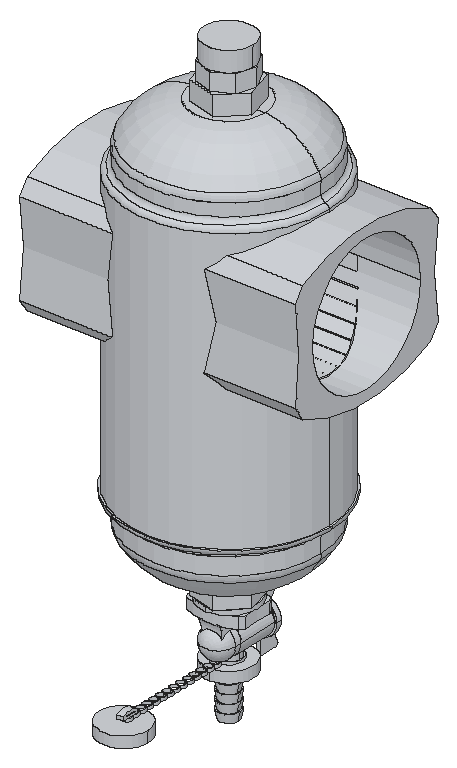
Revit family "Magnetic Dirt Separator-R146MY016", category Plumbing Fixtures, Revit 2015
Reference planes
  plane 1 "Center (Front/Back)": y = 0
  plane 2: z = 0
  plane 3 "Center (Left/Right)": x = 0
  plane 4: z = 186
  plane 5: z = 277
  plane 6: x = -62.5
  plane 7: x = 62.5
  plane 8: y = 27.082
  plane 9: y = -27.082
  plane 10: y = 27.082
  plane 11: y = -27.082
  plane 12: x = 27.082
  plane 13: x = -27.082
  plane 14: x = -45.5
  plane 15: x = 45.5
Forms (mm)
  Revolve 1, solid
    sketch origin (0, 0, 3) x (1, 0, 0) y (0, 0, 1)
      loop
        line (-45.5, 219.004) -> (-45.5, 90.761) -> (-46.5, 90.761)
        arc (-46.5, 90.761) -> (-45.94, 89.051) -> (-44.307, 88.292) r 2.26
        arc (-44.307, 88.292) -> (-42.572, 87.534) -> (-41.859, 85.781) r 2.512
        line (-41.859, 85.781) -> (-41.859, 77.938)
        arc (-41.859, 77.938) -> (-41.627, 76.169) -> (-40.945, 74.52) r 6.846
        arc (-40.945, 74.52) -> (-30.668, 63.62) -> (-16.589, 58.503) r 32.422
        line (-16.589, 58.503) -> (0, 58.503) -> (0, 248.375) -> (-16.591, 248.375)
        arc (-16.591, 248.375) -> (-30.673, 243.687) -> (-40.951, 232.981) r 30.94
        arc (-40.951, 232.981) -> (-41.634, 231.331) -> (-41.866, 229.561) r 6.849
        line (-41.866, 229.561) -> (-41.866, 223.826)
        arc (-41.866, 223.826) -> (-42.371, 222.317) -> (-43.683, 221.415) r 2.508
        arc (-43.683, 221.415) -> (-44.995, 220.514) -> (-45.5, 219.004) r 2.508
      axis (0, 248.375) -> (0, 58.503)
    angle from 0 to 360
  Extrusion 2, solid
    sketch origin (0, 0, 250.912) x (1, 0, 0) y (0, 1, 0)
      loop
        line (9.899, 9.899) -> (-3.623, 13.523) -> (-13.523, 3.623) -> (-9.899, -9.899) -> (3.623, -13.523) -> (13.523, -3.623) -> (9.899, 9.899)
    from -0.912 to 9.088
  Extrusion 3, solid
    sketch origin (0, 0, 260) x (1, 0, 0) y (0, 1, 0)
      loop
        line (7.713, 9.193) -> (-1.046, 11.954) -> (-9.193, 7.713) -> (-11.954, -1.046) -> (-7.713, -9.193) -> (1.046, -11.954) -> (9.193, -7.713) -> (11.954, 1.046) -> (7.713, 9.193)
    from 0 to 8
  Extrusion 4, solid
    sketch origin (0, 0, 268) x (1, 0, 0) y (0, 1, 0)
      loop
        circle (0, 0) r 11
    from 0 to 9
  Extrusion 5, solid
    sketch origin (-37.5, 0, 23.737) x (0, 1, 0) y (0, 0, -1)
      loop
        circle (0, -162.263) r 31
      loop
        line (35.991, -189.491) -> (40.254, -183.402)
        arc (40.254, -183.402) -> (38.218, -162.263) -> (40.254, -141.124) r 110.754
        line (40.254, -141.124) -> (35.991, -135.035)
        arc (35.991, -135.035) -> (0, -126.368) -> (-35.991, -135.035) r 79.061
        line (-35.991, -135.035) -> (-40.254, -141.124)
        arc (-40.254, -141.124) -> (-38.218, -162.263) -> (-40.254, -183.402) r 110.754
        line (-40.254, -183.402) -> (-35.991, -189.491)
        arc (-35.991, -189.491) -> (0, -198.158) -> (35.991, -189.491) r 79.061
    from -18.467 to 25
  Revolve 6, solid
    sketch origin (0, 0, 0) x (1, 0, 0) y (0, 0, 1)
      loop
        line (-5.119, 19.706) -> (-4.304, 15.76) -> (-5.119, 15.76) -> (-4.304, 11.814) -> (-5.119, 11.814) -> (-4.304, 7.868) -> (-5.119, 7.868) -> (-4.304, 3.922) -> (-5.119, 3.922) -> (-4.309, 0) -> (0, 0) -> (0, 19.706) -> (-5.119, 19.706)
      axis (0, 19.706) -> (0, 0)
    angle from 0 to 360
  Extrusion 7, solid
    sketch origin (0, 0, 51.5) x (0, -1, 0) y (1, 0, 0)
      loop
        line (-9.899, 9.899) -> (-13.523, -3.623) -> (-3.623, -13.523) -> (9.899, -9.899) -> (13.523, 3.623) -> (3.623, 13.523) -> (-9.899, 9.899)
    from -0.912 to 11.088
  Extrusion 8, solid
    sketch origin (0, 0, 43.706) x (0, -1, 0) y (1, 0, 0)
      loop
        circle (0, 0) r 11.105
      loop
        line (-8.942, -11.82) -> (-6.943, -13.221)
        arc (-6.943, -13.221) -> (0, -12.738) -> (6.943, -13.221) r 50.189
        line (6.943, -13.221) -> (8.942, -11.82)
        arc (8.942, -11.82) -> (11.789, 0) -> (8.942, 11.82) r 25.966
        line (8.942, 11.82) -> (6.943, 13.221)
        arc (6.943, 13.221) -> (0, 12.738) -> (-6.943, 13.221) r 50.189
        line (-6.943, 13.221) -> (-8.942, 11.82)
        arc (-8.942, 11.82) -> (-11.789, 0) -> (-8.942, -11.82) r 25.966
    from 0 to 5
  Extrusion 9, solid
    sketch origin (0, 0, 19.706) x (0, -1, 0) y (1, 0, 0)
      loop
        circle (0, 0) r 11
    from 0 to 4.971
  Extrusion 10, solid
    sketch origin (37.5, 0, 23.737) x (0, 1, 0) y (0, 0, 1)
      loop
        circle (0, 162.263) r 31
      loop
        arc (35.991, 189.491) -> (0, 198.158) -> (-35.991, 189.491) r 79.061
        line (-35.991, 189.491) -> (-40.254, 183.402)
        arc (-40.254, 183.402) -> (-38.218, 162.263) -> (-40.254, 141.124) r 110.754
        line (-40.254, 141.124) -> (-35.991, 135.035)
        arc (-35.991, 135.035) -> (0, 126.368) -> (35.991, 135.035) r 79.061
        line (35.991, 135.035) -> (40.254, 141.124)
        arc (40.254, 141.124) -> (38.218, 162.263) -> (40.254, 183.402) r 110.754
        line (40.254, 183.402) -> (35.991, 189.491)
    from -16.798 to 25
  Extrusion 11, solid
    sketch origin (0, 0, 44.706) x (0, -1, 0) y (1, 0, 0)
      loop
        circle (0, 0) r 13
    from 4 to 6
  Extrusion 12, solid
    sketch origin (0, -59.562, 19.677) x (-1, 0, 0) y (0, -1, 0)
      loop
        circle (0, 0) r 11
    from 0 to 5
  Extrusion 13, solid
    sketch origin (0, 10.938, -134.258) x (1, 0, 0) y (0, 0, -1)
      loop
        circle (0, -167.996) r 7.5
    from -13.595 to 5.209
  Revolve 14, solid
    sketch origin (0, -2.656, 33.727) x (0, -1, 0) y (1, 0, 0)
      loop
        line (0, 7.5) -> (0, 0) -> (10.635, 0)
        arc (10.635, 0) -> (8.319, 5.314) -> (2.95, 7.5) r 7.687
        line (2.95, 7.5) -> (0, 7.5)
      axis (0, 0) -> (10.635, 0)
    angle from 0 to 360
  Extrusion 15, solid
    sketch origin (0, 0, 14.706) x (-1, 0, 0) y (0, -1, 0)
      loop
        circle (0, 0) r 5.119
    from 9.971 to 16.528
  Revolve 16, solid
    sketch origin (0, 16.384, 33.727) x (0, 1, 0) y (-1, 0, 0)
      loop
        line (0.632, -8.291) -> (2.722, -8.291)
        arc (2.722, -8.291) -> (3.657, -4.191) -> (4.004, 0) r 29.769
        line (4.004, 0) -> (-1.726, 0) -> (-1.726, -5.865) -> (2.031, -5.865) -> (2.031, -7.491) -> (0.632, -7.491) -> (0.632, -8.291)
      axis (-1.726, 0) -> (4.004, 0)
    angle from 0 to 360
  Extrusion 17, solid
    sketch origin (4.688, 0, 0) x (0, -1, 0) y (0, 0, 1)
      loop
        line (11.329, 43.706) -> (-11.171, 43.706)
        arc (-11.171, 43.706) -> (-9.919, 40.677) -> (-9.876, 37.399) r 8.706
        line (-9.876, 37.399) -> (10.033, 37.399)
        arc (10.033, 37.399) -> (10.077, 40.677) -> (11.329, 43.706) r 8.706
    from -0.08 to 9.224
  Extrusion 18, solid
    sketch origin (1, 0, 0) x (0, -1, 0) y (0, 0, 1)
      loop
        line (-17.015, 42.013) -> (-17.015, 44.152) -> (-25.165, 44.152)
        arc (-25.165, 44.152) -> (-25.684, 43.831) -> (-25.628, 43.224) r 0.579
        line (-25.628, 43.224) -> (-20.328, 34.998)
        arc (-20.328, 34.998) -> (-19.907, 38.541) -> (-19.091, 42.013) r 31.634
        line (-19.091, 42.013) -> (-17.015, 42.013)
      loop
        line (-17.017, 25.437) -> (-19.084, 25.437)
        arc (-19.084, 25.437) -> (-19.905, 28.921) -> (-20.328, 32.476) r 31.634
        line (-20.328, 32.476) -> (-26.147, 19.717)
        arc (-26.147, 19.717) -> (-26.054, 18.428) -> (-24.921, 17.809) r 1.348
        line (-24.921, 17.809) -> (-17.017, 17.809) -> (-17.017, 25.437)
    from 0 to 2
  Extrusion 19, void
    sketch origin (0, 0, 0) x (0, 1, 0) y (0, 0, 1)
      loop
        circle (0, 186) r 31
    from -97.08 to 100
  Extrusion 20, solid
    sketch origin (0, -0.002, 24.677) x (0, -1, 0) y (1, 0, 0)
      loop
        arc (9.667, 0.599) -> (7.817, 2.01) -> (5.874, 0.731) r 2.011
        arc (5.874, 0.731) -> (-0.366, 5.908) -> (-5.919, 0) r 5.919
        arc (-5.919, 0) -> (-0.366, -5.908) -> (5.874, -0.731) r 5.919
        arc (5.874, -0.731) -> (7.817, -2.01) -> (9.667, -0.599) r 2.011
        arc (9.667, -0.599) -> (11.587, -2.011) -> (13.506, -0.599) r 2.011
        arc (13.506, -0.599) -> (15.426, -2.011) -> (17.346, -0.599) r 2.011
        arc (17.346, -0.599) -> (19.265, -2.011) -> (21.185, -0.599) r 2.011
        arc (21.185, -0.599) -> (23.104, -2.011) -> (25.024, -0.599) r 2.011
        arc (25.024, -0.599) -> (26.944, -2.011) -> (28.863, -0.599) r 2.011
        arc (28.863, -0.599) -> (30.783, -2.011) -> (32.702, -0.599) r 2.011
        arc (32.702, -0.599) -> (34.622, -2.011) -> (36.541, -0.599) r 2.011
        arc (36.541, -0.599) -> (38.461, -2.011) -> (40.381, -0.599) r 2.011
        arc (40.381, -0.599) -> (42.3, -2.011) -> (44.22, -0.599) r 2.011
        arc (44.22, -0.599) -> (46.139, -2.011) -> (48.059, -0.599) r 2.011
        arc (48.059, -0.599) -> (49.979, -2.011) -> (51.898, -0.599) r 2.011
        arc (51.898, -0.599) -> (53.818, -2.011) -> (55.737, -0.599) r 2.011
        arc (55.737, -0.599) -> (57.96, -1.988) -> (59.668, 0) r 2.011
        arc (59.668, 0) -> (57.96, 1.988) -> (55.737, 0.599) r 2.011
        arc (55.737, 0.599) -> (53.818, 2.011) -> (51.898, 0.599) r 2.011
        arc (51.898, 0.599) -> (49.979, 2.011) -> (48.059, 0.599) r 2.011
        arc (48.059, 0.599) -> (46.139, 2.011) -> (44.22, 0.599) r 2.011
        arc (44.22, 0.599) -> (42.3, 2.011) -> (40.381, 0.599) r 2.011
        arc (40.381, 0.599) -> (38.461, 2.011) -> (36.541, 0.599) r 2.011
        arc (36.541, 0.599) -> (34.622, 2.011) -> (32.702, 0.599) r 2.011
        arc (32.702, 0.599) -> (30.783, 2.011) -> (28.863, 0.599) r 2.011
        arc (28.863, 0.599) -> (26.944, 2.011) -> (25.024, 0.599) r 2.011
        arc (25.024, 0.599) -> (23.104, 2.011) -> (21.185, 0.599) r 2.011
        arc (21.185, 0.599) -> (19.265, 2.011) -> (17.346, 0.599) r 2.011
        arc (17.346, 0.599) -> (15.426, 2.011) -> (13.506, 0.599) r 2.011
        arc (13.506, 0.599) -> (11.587, 2.011) -> (9.667, 0.599) r 2.011
      loop
        circle (7.748, 0) r 1.828
      loop
        circle (11.587, 0) r 1.828
      loop
        circle (15.426, 0) r 1.828
      loop
        circle (19.265, 0) r 1.828
      loop
        circle (23.104, 0) r 1.828
      loop
        circle (26.944, 0) r 1.828
      loop
        circle (30.783, 0) r 1.828
      loop
        circle (34.622, 0) r 1.828
      loop
        circle (38.461, 0) r 1.828
      loop
        circle (42.3, 0) r 1.828
      loop
        circle (46.139, 0) r 1.828
      loop
        circle (49.979, 0) r 1.828
      loop
        circle (53.818, 0) r 1.828
      loop
        circle (0, 0) r 5.119
      loop
        circle (57.657, 0) r 1.828
    from 0 to 1
  Extrusion 21, solid
    sketch origin (0, 1.903, -3.024) x (0, -1, 0) y (0, 0, 1)
      loop
        line (55.828, 28.935) -> (63.295, 28.935) -> (63.295, 30.576)
        arc (63.295, 30.576) -> (59.562, 31.656) -> (55.828, 30.576) r 6.992
        line (55.828, 30.576) -> (55.828, 28.935)
      loop
        arc (62.495, 30.585) -> (59.562, 30.853) -> (56.628, 30.585) r 16.148
        line (56.628, 30.585) -> (56.628, 29.735) -> (62.495, 29.735) -> (62.495, 30.585)
    from -1.539 to 1.47
  Extrusion 22, solid
    sketch origin (0, -59.563, 27.373) x (-1, 0, 0) y (0, -1, 0)
      loop
        circle (0, -1.905) r 1.5
    from -2.696 to -1.461
Cuts and joins
  Extrusion 19 cuts Revolve 1
  Extrusion 19 cuts Extrusion 10
Dimensions and locks
  plane 2 to plane 5 = 277 mm
  plane 2 to plane 4 = 186 mm
  equal spacing: plane 6, plane 3 "Center (Left/Right)", plane 7
  plane 6 to plane 7 = 125 mm
  plane 7 to plane 3 "Center (Left/Right)" = 62.5 mm
  plane 15 to plane 14 = 91 mm
  aligned and locked: level to plane 2
Automatic sketch dimensions
  Extrusion 2 sketch curve to plane 1 "Center (Front/Back)" = 3.623 mm
  Extrusion 2 sketch curve to plane 3 "Center (Left/Right)" = 13.523 mm
  Extrusion 2 sketch curve to plane 3 "Center (Left/Right)" = 9.899 mm
  Extrusion 2 sketch curve to plane 3 "Center (Left/Right)" = 3.623 mm
  plane 3 "Center (Left/Right)" to Extrusion 2 sketch curve = 3.623 mm
  plane 3 "Center (Left/Right)" to Extrusion 2 sketch curve = 9.899 mm
  plane 1 "Center (Front/Back)" to Extrusion 2 sketch curve = 3.623 mm
  plane 3 "Center (Left/Right)" to Extrusion 2 sketch curve = 13.523 mm
  plane 1 "Center (Front/Back)" to Extrusion 2 sketch curve = 9.899 mm
  plane 1 "Center (Front/Back)" to Extrusion 2 sketch curve = 13.523 mm
  Extrusion 2 sketch curve to plane 1 "Center (Front/Back)" = 9.899 mm
  Extrusion 2 sketch curve to plane 1 "Center (Front/Back)" = 13.523 mm
  plane 1 "Center (Front/Back)" to Extrusion 3 sketch curve = 1.046 mm
  Extrusion 3 sketch curve to plane 3 "Center (Left/Right)" = 11.954 mm
  Extrusion 3 sketch curve to Extrusion 3 sketch curve = 2.762 mm  (x3)
  Extrusion 3 sketch curve to plane 3 "Center (Left/Right)" = 7.713 mm
  Extrusion 3 sketch curve to plane 3 "Center (Left/Right)" = 1.046 mm
  plane 3 "Center (Left/Right)" to Extrusion 3 sketch curve = 1.046 mm
  plane 3 "Center (Left/Right)" to Extrusion 3 sketch curve = 7.713 mm
  Extrusion 3 sketch curve to Extrusion 3 sketch curve = 8.147 mm  (x3)
  Extrusion 3 sketch curve to plane 1 "Center (Front/Back)" = 1.046 mm
  plane 1 "Center (Front/Back)" to Extrusion 3 sketch curve = 7.713 mm
  Extrusion 3 sketch curve to plane 1 "Center (Front/Back)" = 7.713 mm
  Extrusion 3 sketch curve to Extrusion 3 sketch curve = 4.241 mm
  plane 1 "Center (Front/Back)" to Extrusion 4 sketch curve = 0 mm
  Extrusion 4 sketch curve to plane 3 "Center (Left/Right)" = 0 mm
  Revolve 6 sketch curve to level = 0 mm  (x2)
  Revolve 6 sketch curve to plane 3 "Center (Left/Right)" = 0 mm  (x2)
  Revolve 6 sketch curve to plane 3 "Center (Left/Right)" = 4.304 mm  (x2)
  Revolve 6 sketch curve to Revolve 6 sketch curve = 0 mm  (x3)
  Revolve 6 sketch curve to Revolve 6 sketch curve = 0.005 mm
  Revolve 6 sketch curve to Revolve 6 sketch curve = 0.815 mm  (x4)
  level to Revolve 6 sketch curve = 3.922 mm
  Revolve 6 sketch curve to Revolve 6 sketch curve = 3.946 mm  (x4)
  Revolve 6 sketch curve to level = 13.856 mm
  Extrusion 7 sketch curve to plane 3 "Center (Left/Right)" = 3.623 mm
  Extrusion 7 sketch curve to plane 1 "Center (Front/Back)" = 13.523 mm
  Extrusion 7 sketch curve to plane 1 "Center (Front/Back)" = 9.899 mm
  Extrusion 7 sketch curve to plane 1 "Center (Front/Back)" = 3.623 mm
  plane 1 "Center (Front/Back)" to Extrusion 7 sketch curve = 3.623 mm
  plane 1 "Center (Front/Back)" to Extrusion 7 sketch curve = 9.899 mm
  plane 3 "Center (Left/Right)" to Extrusion 7 sketch curve = 3.623 mm
  plane 1 "Center (Front/Back)" to Extrusion 7 sketch curve = 13.523 mm
  Extrusion 7 sketch curve to plane 3 "Center (Left/Right)" = 9.899 mm
  Extrusion 7 sketch curve to plane 3 "Center (Left/Right)" = 13.523 mm
  plane 3 "Center (Left/Right)" to Extrusion 7 sketch curve = 9.899 mm
  plane 3 "Center (Left/Right)" to Extrusion 7 sketch curve = 13.523 mm
  Extrusion 8 sketch curve to plane 3 "Center (Left/Right)" = 0 mm  (x3)
  plane 1 "Center (Front/Back)" to Extrusion 8 sketch curve = 0 mm  (x3)
  Extrusion 8 sketch curve to plane 1 "Center (Front/Back)" = 6.943 mm  (x2)
  Extrusion 8 sketch curve to Extrusion 8 sketch curve = 2 mm  (x4)
  Extrusion 8 sketch curve to Extrusion 8 sketch curve = 5.235 mm  (x2)
  plane 1 "Center (Front/Back)" to Extrusion 8 sketch curve = 6.943 mm  (x2)
  Extrusion 8 sketch curve to plane 3 "Center (Left/Right)" = 11.82 mm  (x2)
  Extrusion 8 sketch curve to Extrusion 8 sketch curve = 1.4 mm  (x2)
  plane 6 to Extrusion 8 sketch curve = 0.427 mm
  Extrusion 8 sketch curve to plane 7 = 0.427 mm
  plane 1 "Center (Front/Back)" to Extrusion 9 sketch curve = 0 mm
  Extrusion 9 sketch curve to plane 3 "Center (Left/Right)" = 0 mm
  plane 1 "Center (Front/Back)" to Extrusion 11 sketch curve = 0 mm
  Extrusion 11 sketch curve to plane 3 "Center (Left/Right)" = 0 mm
  Extrusion 13 sketch curve to plane 3 "Center (Left/Right)" = 0 mm
  Revolve 14 sketch curve to plane 3 "Center (Left/Right)" = 0 mm  (x2)
  plane 1 "Center (Front/Back)" to Revolve 14 sketch curve = 2.656 mm
  Revolve 14 sketch curve to plane 3 "Center (Left/Right)" = 0.187 mm
  Revolve 14 sketch curve to Revolve 14 sketch curve = 2.95 mm
  Revolve 14 sketch curve to Revolve 14 sketch curve = 7.684 mm
  Revolve 14 sketch curve to Revolve 14 sketch curve = 0.693 mm
  Revolve 14 sketch curve to plane 1 "Center (Front/Back)" = 4.745 mm
  Extrusion 15 sketch curve to Extrusion 15 sketch curve = 0 mm  (x2)
  plane 1 "Center (Front/Back)" to Extrusion 15 sketch curve = 0 mm
  Extrusion 15 sketch curve to plane 3 "Center (Left/Right)" = 0 mm
  plane 3 "Center (Left/Right)" to Extrusion 15 sketch curve = 5.119 mm
  Revolve 16 sketch curve to plane 3 "Center (Left/Right)" = 0 mm  (x2)
  Revolve 16 sketch curve to plane 3 "Center (Left/Right)" = 0.359 mm
  plane 1 "Center (Front/Back)" to Revolve 16 sketch curve = 9.379 mm
  Revolve 16 sketch curve to plane 1 "Center (Front/Back)" = 14.658 mm
  Revolve 16 sketch curve to Revolve 16 sketch curve = 2.358 mm
  Revolve 16 sketch curve to Revolve 16 sketch curve = 1.4 mm
  Revolve 16 sketch curve to Revolve 16 sketch curve = 0.691 mm
  Revolve 16 sketch curve to Revolve 16 sketch curve = 5.73 mm
  Revolve 16 sketch curve to Revolve 16 sketch curve = 0.8 mm
  Revolve 16 sketch curve to Revolve 16 sketch curve = 1.626 mm
  Revolve 16 sketch curve to Revolve 16 sketch curve = 5.675 mm
  Revolve 16 sketch curve to Revolve 16 sketch curve = 1.033 mm
  Extrusion 17 sketch curve to plane 1 "Center (Front/Back)" = 18.447 mm
  Extrusion 17 sketch curve to Extrusion 17 sketch curve = 7.276 mm  (x2)
  Extrusion 17 sketch curve to Extrusion 17 sketch curve = 1.296 mm  (x2)
  plane 1 "Center (Front/Back)" to Extrusion 17 sketch curve = 10.033 mm
  Extrusion 17 sketch curve to Extrusion 17 sketch curve = 1.526 mm
  Extrusion 18 sketch curve to plane 1 "Center (Front/Back)" = 26.147 mm
  Extrusion 18 sketch curve to Extrusion 18 sketch curve = 0.519 mm
  Extrusion 18 sketch curve to Extrusion 18 sketch curve = 0.463 mm
  Extrusion 18 sketch curve to Extrusion 18 sketch curve = 1.227 mm
  Extrusion 18 sketch curve to Extrusion 18 sketch curve = 5.3 mm
  Extrusion 18 sketch curve to Extrusion 18 sketch curve = 0 mm  (x2)
  Extrusion 18 sketch curve to Extrusion 18 sketch curve = 6.074 mm
  Extrusion 18 sketch curve to Extrusion 18 sketch curve = 1.244 mm
  Extrusion 18 sketch curve to Extrusion 18 sketch curve = 2.066 mm
  Extrusion 18 sketch curve to Extrusion 18 sketch curve = 2.076 mm
  plane 1 "Center (Front/Back)" to Extrusion 18 sketch curve = 11.246 mm
  Extrusion 18 sketch curve to Extrusion 18 sketch curve = 7.015 mm
  Extrusion 18 sketch curve to Extrusion 18 sketch curve = 1.379 mm
  Extrusion 18 sketch curve to Extrusion 18 sketch curve = 2.522 mm
  Extrusion 18 sketch curve to Extrusion 18 sketch curve = 5.72 mm
  Extrusion 18 sketch curve to Extrusion 18 sketch curve = 0.559 mm
  Extrusion 18 sketch curve to Extrusion 18 sketch curve = 0.349 mm
  Extrusion 12 sketch curve to plane 3 "Center (Left/Right)" = 0 mm
  plane 1 "Center (Front/Back)" to Extrusion 12 sketch curve = 59.562 mm
  level to Extrusion 13 sketch curve = 33.737 mm
  level to Extrusion 17 sketch curve = 37.399 mm
  level to Extrusion 18 sketch curve = 17.809 mm
  Extrusion 18 sketch curve to Extrusion 18 sketch curve = 1.211 mm
  Extrusion 19 sketch curve to Extrusion 19 sketch curve = 0 mm  (x2)
  Extrusion 19 sketch curve to plane 4 = 0 mm
  Extrusion 19 sketch curve to plane 1 "Center (Front/Back)" = 0 mm
  plane 1 "Center (Front/Back)" to Extrusion 19 sketch curve = 31 mm
  Extrusion 20 sketch curve to Extrusion 20 sketch curve = 0 mm  (x180)
  Extrusion 20 sketch curve to plane 3 "Center (Left/Right)" = 0 mm  (x15)
  plane 1 "Center (Front/Back)" to Extrusion 20 sketch curve = 0.002 mm
  Extrusion 20 sketch curve to Extrusion 20 sketch curve = 7.748 mm
  Extrusion 20 sketch curve to Extrusion 20 sketch curve = 3.839 mm  (x13)
  Extrusion 20 sketch curve to plane 1 "Center (Front/Back)" = 5.118 mm
  Extrusion 20 sketch curve to Extrusion 20 sketch curve = 0.8 mm
  plane 3 "Center (Left/Right)" to Extrusion 20 sketch curve = 0.731 mm
  Extrusion 20 sketch curve to plane 3 "Center (Left/Right)" = 0.731 mm
  Extrusion 20 sketch curve to Extrusion 20 sketch curve = 0.045 mm
  Extrusion 20 sketch curve to plane 3 "Center (Left/Right)" = 0.599 mm  (x12)
  plane 3 "Center (Left/Right)" to Extrusion 20 sketch curve = 0.599 mm  (x13)
  Extrusion 20 sketch curve to Extrusion 20 sketch curve = 0.183 mm  (x13)
  plane 1 "Center (Front/Back)" to Extrusion 21 sketch curve = 53.925 mm
  Extrusion 21 sketch curve to Extrusion 21 sketch curve = 0.8 mm  (x3)
  Extrusion 21 sketch curve to Extrusion 21 sketch curve = 3.733 mm
  Extrusion 21 sketch curve to Extrusion 21 sketch curve = 0 mm
  Extrusion 21 sketch curve to Extrusion 21 sketch curve = 5.867 mm
  level to Extrusion 21 sketch curve = 11.681 mm
  Extrusion 21 sketch curve to Extrusion 21 sketch curve = 9.958 mm
  Extrusion 21 sketch curve to Extrusion 21 sketch curve = 4.272 mm
  Extrusion 21 sketch curve to Extrusion 21 sketch curve = 0.84 mm
  Extrusion 21 sketch curve to Extrusion 21 sketch curve = 0.009 mm
  Extrusion 22 sketch curve to Extrusion 22 sketch curve = 0 mm  (x2)
  Extrusion 22 sketch curve to plane 3 "Center (Left/Right)" = 0 mm
  plane 1 "Center (Front/Back)" to Extrusion 22 sketch curve = 57.659 mm
  Extrusion 22 sketch curve to Extrusion 22 sketch curve = 1.5 mm
  Extrusion 10 sketch curve to plane 4 = 0 mm  (x3)
  Extrusion 10 sketch curve to plane 1 "Center (Front/Back)" = 0 mm  (x3)
  Extrusion 10 sketch curve to plane 11 = 8.909 mm  (x2)
  Extrusion 10 sketch curve to Extrusion 10 sketch curve = 4.264 mm  (x4)
  Extrusion 10 sketch curve to Extrusion 10 sketch curve = 108.718 mm  (x2)
  Extrusion 10 sketch curve to plane 10 = 8.909 mm  (x2)
  Extrusion 10 sketch curve to plane 4 = 21.139 mm  (x2)
  Extrusion 10 sketch curve to Extrusion 10 sketch curve = 6.089 mm  (x2)
  Extrusion 10 sketch curve to Extrusion 10 sketch curve = 15.938 mm  (x2)
  Extrusion 5 sketch curve to plane 4 = 0 mm  (x3)
  Extrusion 5 sketch curve to plane 1 "Center (Front/Back)" = 0 mm  (x3)
  Extrusion 5 sketch curve to plane 9 = 8.909 mm  (x2)
  Extrusion 5 sketch curve to Extrusion 5 sketch curve = 4.264 mm  (x4)
  Extrusion 5 sketch curve to Extrusion 5 sketch curve = 108.718 mm  (x2)
  Extrusion 5 sketch curve to plane 8 = 8.909 mm  (x2)
  plane 4 to Extrusion 5 sketch curve = 21.139 mm  (x2)
  Extrusion 5 sketch curve to Extrusion 5 sketch curve = 6.089 mm  (x2)
  Extrusion 5 sketch curve to Extrusion 5 sketch curve = 15.938 mm  (x2)
  Revolve 1 sketch curve to plane 14 = 0 mm
  Revolve 1 sketch curve to plane 3 "Center (Left/Right)" = 0 mm  (x2)
  Revolve 1 sketch curve to Revolve 1 sketch curve = 1 mm
  plane 14 to Revolve 1 sketch curve = 1.126 mm
  plane 14 to Revolve 1 sketch curve = 1.129 mm
  plane 14 to Revolve 1 sketch curve = 1.25 mm
  Revolve 1 sketch curve to Revolve 1 sketch curve = 2.508 mm
  plane 14 to Revolve 1 sketch curve = 3.634 mm
  Revolve 1 sketch curve to Revolve 1 sketch curve = 2.512 mm
  Revolve 1 sketch curve to Revolve 1 sketch curve = 6.849 mm
  Revolve 1 sketch curve to Revolve 1 sketch curve = 6.846 mm
  Revolve 1 sketch curve to Revolve 1 sketch curve = 16.591 mm
  Revolve 1 sketch curve to Revolve 1 sketch curve = 16.589 mm
  Revolve 1 sketch curve to plane 3 "Center (Left/Right)" = 14.144 mm
  Revolve 1 sketch curve to plane 3 "Center (Left/Right)" = 12.853 mm
  level to Revolve 1 sketch curve = 61.503 mm
  Revolve 1 sketch curve to Revolve 1 sketch curve = 19.435 mm
  Revolve 1 sketch curve to Revolve 1 sketch curve = 7.843 mm
  Revolve 1 sketch curve to Revolve 1 sketch curve = 4.771 mm
  Revolve 1 sketch curve to Revolve 1 sketch curve = 12.771 mm
  Revolve 1 sketch curve to Revolve 1 sketch curve = 0.21 mm
  plane 4 to Revolve 1 sketch curve = 34.532 mm
  Revolve 1 sketch curve to Revolve 1 sketch curve = 1.472 mm
  Revolve 1 sketch curve to Revolve 1 sketch curve = 4.822 mm
  Revolve 1 sketch curve to Revolve 1 sketch curve = 5.734 mm
  Revolve 1 sketch curve to plane 5 = 25.625 mm
  plane 5 to Revolve 1 sketch curve = 43 mm
  Revolve 1 sketch curve to Revolve 1 sketch curve = 140 mm
  radius of Extrusion 4 sketch curve = 11 mm
  radius of Extrusion 8 sketch curve = 11.105 mm
  radius of Extrusion 9 sketch curve = 11 mm
  radius of Extrusion 11 sketch curve = 13 mm
  radius of Extrusion 13 sketch curve = 7.5 mm
  radius of Extrusion 12 sketch curve = 11 mm
  radius of Extrusion 10 sketch curve = 31 mm
  radius of Extrusion 5 sketch curve = 31 mm
